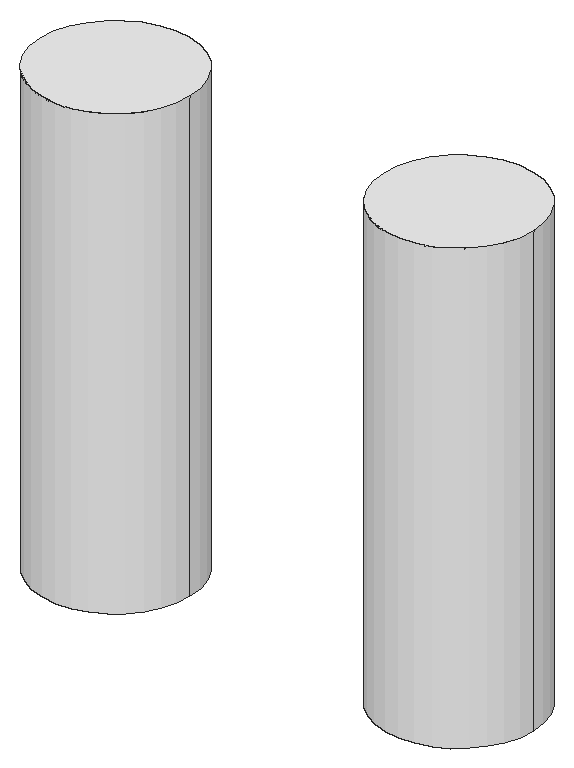
Revit family "56532203", category Plumbing Fixtures, Revit 2018
Family settings
  Round Connector Dimension = Use Diameter
  Part Type = Normal
  OmniClass Number = 23.45.55.00
  OmniClass Title = Sanitary Faucets, Wastes
  Work Plane-Based = No
  Always vertical = Yes
  Cut with Voids When Loaded = No
  Shared = No
  Room Calculation Point = No
Parameters (values of type "56532203 Kitchen faucet ")
  Working Pressure = "50 - 1000 kPa"
  WarrantyStartDate [instance] = "n/a"
  WarrantyGuarantorParts = "n/a"
  WarrantyGuarantorLabor = "n/a"
  WarrantyDurationUnit = "Year"
  WarrantyDurationParts = "n/a"
  WarrantyDurationLabor = "n/a"
  WarrantyDescription = "http://warranty.hansa.com"
  Warranty Information URL = "http://warranty.hansa.com"
  VersionDate = "01/07/2022"
  Version = "3"  # constant formula
  ValvePattern = "n/a"
  ValveOperation = "n/a"
  ValveMechanism = "n/a"
  Uniclass2015Reference = "Pr_40_20_87_96"
  Uniclass2015Description = "Washbasin manual water supply sets"
  Uniclass2 = "Pr_40_30_96_96"
  URL REACH = "http://static.hansa.com/doc/reach"
  URL Declaration of Conformity = "http://static.hansa.com/DoC/56532203"
  URL ABP = "http://static.hansa.com/ABP/56532203"
  URL = ""
  UNSPSC Class Number = "30181700 Faucets or taps"
  TestPressure = "n/a"
  Temperature Adjustments = "Limitation option for maximum temperature and flow-rate ;Adjustable hot water stop (included, retrofittable)"
  Temperature = "Temperature limiter;Temperature limiter (retrofittable)"
  Technical DataSheet URL = "http://www.hansa.com/datasheet/56532203/en"
  TagNumber [instance] = "n/a"
  SustainabilityPerformance = "n/a"
  Surface treatment = "Chrome"
  Spout Type = "Swivel spout;Swivel range limiting option"
  Spout Swivel Range = "120°"
  Spout Projection = "216 mm"
  Spare-Part Information URL = "http://static.hansa.com/sp/56532203"
  Size = "50x255x170 mm"
  Shape = "Sculptured"
  SerialNumber [instance] = "n/a"
  Sales Package dimensions (LxWxH) = "362 x 278 x 63"
  Revision = "3"  # constant formula
  ReplacementCost = "n/a"
  ProductInformation = "n/a"
  Product URL = "http://static.hansa.com/56532203"
  Product Image URL = "http://static.hansa.com/image/56532203"
  Product Family = "HANSAPALENO "
  Product Code = "56532203"
  OperatingMechanismMaterial = "n/a"
  NominalWidth = 51 mm
  NominalHeight = 169 mm
  NominalDepth = 255 mm
  Noise Class = "I (ISO 3822)"
  Name_en = "56532203 Kitchen faucet"
  Name = "56532203 Kitchen faucet"
  NBSReference = "45-35-70/371"
  NBSDescription = "Water supply fittings for wash basins and troughs"
  Mounting Holes = "1 hole"
  ModelReference = "56532203"
  ModelNumber = "n/a"
  Model = "56532203 Kitchen faucet"
  Mobile Product Information URL = "http://mpi.hansa.com/56532203"
  Mechanical Parts = "ø 35 mm ceramic cartridge for flow and temperature control"
  Max. Hot Water Supply = 70 °C
  Material = "Brass"
  Market = "International;Germany;Austria;Switzerland;France;Italy;Spain"
  ManufacturerURL = "http://www.hansa.com"
  ManufacturerName = "HANSA"
  Manufacturer = "HANSA"
  Lever Handle = "Hot/Cold symbols;Single operating lever/handle"
  Interactive AR View URL = "https://static.hansa.com/AR/56532203"
  InstallationDate [instance] = "n/a"
  Installation and Maintenance Guide URL = "http://static.hansa.com/manual/56532203"
  Installation Type = "Deck mounted"
  InletConnectionSize = 10 mm
  IfcExportType = "FAUCET"  # constant formula
  IfcExportAs = "IfcValveType"  # constant formula
  Group = "Kitchen faucet"
  Grade = "n/a"
  FlowCoefficient = 0
  Flow Rate At 300kPa = 0.2 L/s
  Flow Drawing URL = "http://static.hansa.com/flowchart/56532203"
  Finish = "Polished"
  Features = "Single-lever"
  FaucetMainMaterial = Brass
  FDV Document URL = "http://www.hansa.com/datasheet/56532203/en/fdv"
  ExpectedLife = "n/a"
  ETIM Class Number = "EC011431 Kitchen mixing tap"
  EN Standard = "EN 817"
  EAN Number = "4057304012297"
  DurationUnit = "Year"
  Dimension Drawing URL = "http://static.hansa.com/dimdrw/56532203"
  Description = ""
  DefaultElevation [instance] = 900 mm
  Constituents = "n/a"
  Connection Size = "G3/8"
  Connection = "Flexible inlet pipes"
  Color = "Chrome"
  CodePerformance = "n/a"
  CloseOffRating = 0
  Category = "Kitchen"
  Catalog Drawing URL = "http://static.hansa.com/catdrw/56532203"
  Brand = "HANSA"
  BodyMaterial = "Brass"
  Barcode [instance] = "n/a"
  Backflow Prevention EN1717 = "AA"
  BIMObjectName = "56532203(2020)"
  Author = "BIMStone"
  AssetType = "Fixed"
  AssetIdentifier [instance] = "n/a"
  Approval ABP = "P-IX 38252/IA"
  Ambience photo = "http://static.hansa.com/ambience/56532203"
  Aerator = "Standard aerator"
  Advanced Features = "Inner body made of DZR brass;3S-installation system for safe and simple mounting"
  AccessibilityPerformance = "n/a"
  3D View = "https://static.hansa.com/3D/56532203"
  2D/3D/BIM Files URL = "http://static.hansa.com/bim/56532203"
Reference planes
  plane 1 "Center (Front/Back)": y = 0
  plane 2: z = 0
  plane 3 "Center (Left/Right)": x = 0
  plane 4: x = -25.5
  plane 5: z = 1069
  plane 6: z = 900
  plane 7: z = 870
  plane 8: y = -255
  plane 9: x = 25.5
Forms (mm)
  Extrusion 1, solid, material "Brass" <- "FaucetMainMaterial"
    sketch origin (0, -3, 0) x (1, 0, 0) y (0, 1, 0)
      loop
        circle (-11.5, -22.5) r 5
      loop
        circle (11.5, -22.5) r 5
    from 870 to 900
Dimensions and locks
  "NominalHeight": plane 5 to plane 6
  "DefaultElevation": plane 6 to level
  locked: plane 6 to plane 7 at 30
  "NominalDepth": plane 8 to plane 1 "Center (Front/Back)"
  equal spacing: plane 4, plane 3 "Center (Left/Right)", plane 9
  "NominalWidth": plane 4 to plane 9
  "InletConnectionSize": diameter of Extrusion 1 sketch curve  (x2)
  aligned and locked: level to plane 2
  aligned and locked: plane 6 to Extrusion 1
  aligned and locked: Extrusion 1 to plane 7
  aligned and locked: nested 2 to plane 6
  aligned and locked: plane 1 "Center (Front/Back)" to nested 2
  aligned and locked: plane 5 to nested 2
Automatic sketch dimensions
  Extrusion 1 sketch curve to plane 3 "Center (Left/Right)" = 11.5 mm
  plane 3 "Center (Left/Right)" to Extrusion 1 sketch curve = 11.5 mm
  plane 1 "Center (Front/Back)" to Extrusion 1 sketch curve = 25.5 mm  (x2)
Nested families
  nested 1: "Symbol" at (0, 0, 0), type "Symbol", detail levels coarse
  nested 2: "56532203_p" at (0, 0, 900), Material <- "FaucetMainMaterial", type "56532203_p"
    with Material Brass
Connectors
  piping at (-11.5, -25.5, 870), diameter 10, driven by "InletConnectionSize"
    settings: on Extrusion 1, index 1, connector inside diameter 609.6 mm, connector length 0 mm, flow factor 0, pipe flow 0.2 L/s, pressure drop 0.0 Pa, fitting loss kfactor 0, connector angle 0.00°, fixture units 0, engagement length 0 mm, angle of deflection 0.00°, flow configuration 1, flow direction 1, fitting loss method 0, system type 19, joint type 0, gender type 0, connector reference index -1, connector utility 0, adjustable connector no, is connector primary yes, connector description ""
  piping at (11.5, -25.5, 870), diameter 10, driven by "InletConnectionSize"
    settings: on Extrusion 1, index 2, connector inside diameter 609.6 mm, connector length 0 mm, flow factor 0, pipe flow 0.2 L/s, pressure drop 0.0 Pa, fitting loss kfactor 0, connector angle 0.00°, fixture units 0, engagement length 0 mm, angle of deflection 0.00°, flow configuration 1, flow direction 1, fitting loss method 0, system type 20, joint type 0, gender type 0, connector reference index -1, connector utility 0, adjustable connector no, is connector primary no, connector description ""
Definition of nested family "Symbol"
  Reference planes
    plane 1: y = 0
    plane 2: x = 0
  Lines and regions (mm)
    detail lines
      curve 1: line (0, 0, 0) -> (0, -1.8, 0)
      curve 2: line (-0.4, -1.1, 0) -> (0.4, -1.1, 0)
      curve 3: line (-0.4, -1.4, 0) -> (0.4, -1.4, 0)
      curve 4: line (0.863, 0, 0) -> (-0.863, 0, 0)
      curve 5: circle (-1.163, 0, 0) r 0.3 normal (0, 0, -1)
      curve 6: circle (1.163, 0, 0) r 0.3 normal (0, 0, 1)
Definition of nested family "56532203_p"
  Parameters (values of type "56532203_p")
    Material [instance] = none
  Reference planes
    plane 1 "Center (Front/Back)": y = 0
    plane 2: z = 0
    plane 3 "Center (Left/Right)": x = 0
  Forms (mm)
    Extrusion 1, solid, material <- "Material", detail levels coarse
      sketch origin (0, 0, -900) x (1, 0, 0) y (0, 1, 0)
        loop
          line (25.5, 0) -> (-25.5, 0) -> (-25.5, -255) -> (25.5, -255) -> (25.5, 0)
      from 900 to 1069
    Revolve 2, solid, material <- "Material", detail levels medium
      sketch origin (0, 0, 0) x (0, 1, 0) y (0, 0, 1)
        loop
          line (-25.5, 0) -> (0, 0) -> (0, 47.5) -> (-0.993, 123.96) -> (-2.721, 123.96)
          arc (-2.721, 123.96) -> (-3.769, 130.056) -> (-6.504, 135.604) r 21.584
          line (-6.504, 135.604) -> (-1.647, 137.869) -> (-4.456, 178.05) -> (-25.5, 178.05) -> (-25.5, 0)
        axis (-25.5, 0) -> (-25.5, 178.05)
      angle from 0 to 360
    Extrusion 3, void
      sketch origin (0, 0, 0) x (0, 1, 0) y (0, 0, 1)
        loop
          line (0, 181.8) -> (-238.453, 181.8) -> (0, 158.561) -> (0, 181.8)
      from 50 to -50
    Extrusion 4, solid, material <- "Material", detail levels medium
      sketch origin (0, 0, 0) x (0, 1, 0) y (0, 0, 1)
        loop
          line (-24.353, 160.934) -> (-66.863, 165.077)
          arc (-66.863, 165.077) -> (-89.016, 167.114) -> (-111.19, 168.909) r 2034.905
          arc (-111.19, 168.909) -> (-112.016, 168.7) -> (-112.549, 168.037) r 1.341
          arc (-112.549, 168.037) -> (-113.714, 162.728) -> (-113.384, 157.304) r 19.706
          arc (-113.384, 157.304) -> (-112.981, 156.601) -> (-112.238, 156.282) r 1.279
          line (-112.238, 156.282) -> (-24.353, 148.893) -> (-24.353, 160.934)
      from -6.884 to 7
    Extrusion 5, solid, material <- "Material", detail levels medium
      sketch origin (0, 0, 0) x (0, 1, 0) y (0, 0, 1)
        loop
          line (-33.571, 84.532) -> (-135.431, 132.03)
          arc (-135.431, 132.03) -> (-162.315, 142.283) -> (-190.393, 148.572) r 200
          line (-190.393, 148.572) -> (-248.818, 157.304)
          arc (-248.818, 157.304) -> (-251.086, 156.882) -> (-252.314, 154.93) r 2.875
          line (-252.314, 154.93) -> (-255, 137.009) -> (-252.234, 136.594) -> (-228.497, 133.037) -> (-225.321, 132.561) -> (-225.171, 133.561) -> (-193.277, 128.781)
          arc (-193.277, 128.781) -> (-168.045, 123.121) -> (-143.883, 113.904) r 180
          line (-143.883, 113.904) -> (-33.929, 62.631) -> (-33.571, 84.532)
      from 15 to -15
    Revolve 6, solid, material <- "Material", detail levels medium
      sketch origin (0, 0, 0) x (0, 1, 0) y (0, 0, 1)
        loop
          line (-241.031, 130.375) -> (-229.163, 128.596) -> (-227.868, 137.236) -> (-239.736, 139.015) -> (-241.031, 130.375)
        axis (-239.736, 139.015) -> (-241.031, 130.375)
      angle from 0 to 360
  Cuts and joins
    Extrusion 3 cuts Revolve 2
    joined: Revolve 2, Extrusion 4, Extrusion 5, Revolve 6
  Lines and regions (mm)
    symbolic lines, detail levels medium+fine
      curve 1: line (0, 0, 0) -> (0, -51, 0)
      curve 2: line (0, -51, 0) -> (0, -51, 47.5)
      curve 3: line (0, -50.702, 70.453) -> (0, -143.883, 113.904)
      curve 4: arc (0, -143.883, 113.904) -> (0, -168.045, 123.121) -> (0, -193.277, 128.781) r 180
      curve 5: line (0, -193.277, 128.781) -> (0, -225.171, 133.561)
      curve 6: line (0, -229.163, 128.596) -> (0, -228.497, 133.037)
      curve 7: line (0, -252.234, 136.594) -> (0, -252.899, 132.154)
      curve 8: line (0, -252.899, 132.154) -> (0, -229.163, 128.596)
      curve 10: line (0, -225.321, 132.561) -> (0, -225.171, 133.561)
      curve 11: line (0, -252.234, 136.594) -> (0, -255, 137.009)
      curve 12: line (0, -255, 137.009) -> (0, -252.314, 154.93)
      curve 13: arc (0, -252.314, 154.93) -> (0, -251.086, 156.882) -> (0, -248.818, 157.304) r 2.875
      curve 14: line (0, -248.818, 157.304) -> (0, -190.393, 148.572)
      curve 15: arc (0, -190.393, 148.572) -> (0, -162.315, 142.283) -> (0, -135.431, 132.03) r 200
      curve 16: line (0, -135.431, 132.03) -> (0, -54.465, 94.275)
      curve 17: arc (0, -54.465, 94.275) -> (0, -52.475, 93.474) -> (0, -50.41, 92.892) r 19.937
      curve 18: line (0, -50.007, 123.96) -> (0, -50.41, 92.892)
      curve 19: line (0, -50.702, 70.453) -> (0, -51, 47.5)
      curve 20: line (0, 0, 0) -> (0, 0, 47.5)
      curve 21: line (0, -0.993, 123.96) -> (0, 0, 47.5)
      curve 23: line (0, -228.497, 133.037) -> (0, -225.321, 132.561)
      curve 24: line (0, -0.993, 123.96) -> (0, -2.721, 123.96)
      curve 25: line (0, -49.846, 126.8) -> (0, -48.006, 126.8)
      curve 27: line (0, -48.304, 123.96) -> (0, -48.006, 126.8)
      curve 28: arc (0, -6.504, 135.604) -> (0, -3.769, 130.056) -> (0, -2.721, 123.96) r 21.584
      curve 29: line (0, -6.504, 135.604) -> (0, -1.968, 137.719)
      curve 31: line (0, -48.304, 123.96) -> (0, -50.007, 123.96)
      curve 33: line (25.5, 0, 0) -> (-25.5, 0, 0)
      curve 34: line (-25.5, 0, 0) -> (-25.5, 0, 47.56)
      curve 35: line (-25.5, 0, 47.56) -> (-24.495, 0, 123.96)
      curve 36: line (-24.362, 0, 126.797) -> (-22.506, 0, 126.797)
      curve 37: line (-24.495, 0, 123.96) -> (-22.754, 0, 123.96)
      curve 38: line (-24.362, 0, 126.797) -> (-24.362, 0, 159.425)
      curve 39: line (-22.506, 0, 126.797) -> (-22.754, 0, 123.96)
      curve 43: line (25.5, 0, 47.56) -> (24.495, 0, 123.96)
      curve 44: line (24.362, 0, 126.797) -> (22.506, 0, 126.797)
      curve 45: line (24.495, 0, 123.96) -> (22.754, 0, 123.96)
      curve 46: line (22.506, 0, 126.797) -> (22.754, 0, 123.96)
      curve 59: line (-15, -239.534, 0) -> (-15, -59.645, 0)
      curve 60: line (15, -239.534, 0) -> (15, -59.645, 0)
      curve 61: spline (-15, -239.534, 0) -> (-14.489, -243.537, 0) -> (-12.99, -247.267, 0) -> (-10.607, -250.47, 0) -> (-7.5, -252.928, 0) -> (-3.882, -254.473, 0) -> (0, -255, 0) -> (3.882, -254.473, 0) -> (7.5, -252.928, 0) -> (10.607, -250.47, 0) -> (12.99, -247.267, 0) -> (14.489, -243.537, 0) -> (15, -239.534, 0)
      curve 63: line (-15, -59.645, 0) -> (-15.824, -46.935, 0)
      curve 64: line (15, -59.645, 0) -> (15.824, -46.935, 0)
      curve 66: arc (20.377, -40.847, 0) -> (-0.397, -0.021, 0) -> (-19.855, -41.49, 0) r 25.494
      curve 72: line (25.5, 0, 0) -> (25.5, 0, 47.56)
      curve 73: arc (0, -1.968, 137.719) -> (0, -2.673, 147.695) -> (0, -3.725, 157.641) r 286.926
      curve 74: arc (0, -3.725, 157.641) -> (0, -4.361, 158.844) -> (0, -5.635, 159.321) r 1.914
      curve 75: arc (0, -5.635, 159.321) -> (0, -7.676, 159.362) -> (0, -9.712, 159.508) r 39.722
      curve 76: line (0, -9.712, 159.508) -> (0, -66.863, 165.077)
      curve 77: arc (0, -66.863, 165.077) -> (0, -89.016, 167.114) -> (0, -111.19, 168.909) r 2034.905
      curve 78: arc (0, -111.19, 168.909) -> (0, -112.016, 168.7) -> (0, -112.549, 168.037) r 1.341
      curve 79: arc (0, -112.549, 168.037) -> (0, -113.714, 162.728) -> (0, -113.384, 157.304) r 19.706
      curve 80: arc (0, -113.384, 157.304) -> (0, -112.981, 156.601) -> (0, -112.238, 156.282) r 1.279
      curve 81: line (0, -58.165, 151.736) -> (0, -112.238, 156.282)
      curve 82: arc (0, -58.165, 151.736) -> (0, -53.266, 149.408) -> (0, -51.115, 144.429) r 7.704
      curve 83: line (0, -51.115, 144.429) -> (0, -49.846, 126.8)
      curve 84: arc (-19.855, -41.49, 0) -> (-17.785, -44.172, 0) -> (-15.824, -46.935, 0) r 84.427
      curve 85: arc (20.377, -40.847, 0) -> (18.032, -43.84, 0) -> (15.824, -46.935, 0) r 84.427
      curve 96: arc (-24.362, 0, 159.425) -> (-23.949, 0, 160.642) -> (-22.882, 0, 161.356) r 1.999
      curve 97: arc (-22.882, 0, 161.356) -> (-15.145, 0, 163.149) -> (-7.302, 0, 164.402) r 114.564
      curve 98: arc (-6.706, 0, 167.144) -> (-7.042, 0, 165.781) -> (-7.302, 0, 164.402) r 25.706
      curve 99: arc (-6.706, 0, 167.144) -> (-6.123, 0, 168.093) -> (-5.123, 0, 168.583) r 2
      curve 104: line (24.362, 0, 126.797) -> (24.362, 0, 159.425)
      curve 105: arc (22.882, 0, 161.356) -> (15.145, 0, 163.149) -> (7.302, 0, 164.402) r 114.564
      curve 106: arc (6.706, 0, 167.144) -> (7.042, 0, 165.781) -> (7.302, 0, 164.402) r 25.706
      curve 107: arc (6.706, 0, 167.144) -> (6.123, 0, 168.093) -> (5.123, 0, 168.583) r 2
      curve 112: arc (-5.123, 0, 168.583) -> (0, 0, 169.029) -> (5.123, 0, 168.583) r 29.678
      curve 115: arc (24.362, 0, 159.425) -> (23.949, 0, 160.642) -> (22.882, 0, 161.356) r 1.999
    symbolic lines, detail levels fine
      curve 9: line (0, -252.234, 136.594) -> (0, -228.497, 133.037)
      curve 22: line (0, 0, 47.5) -> (0, -51, 47.5)
      curve 26: line (0, -25.383, 126.8) -> (0, -6.504, 135.604)
      curve 30: line (0, -48.006, 126.8) -> (0, -25.383, 126.8)
      curve 32: line (0, -2.721, 123.96) -> (0, -48.304, 123.96)
      curve 40: line (-15, 0, 70.474) -> (-15, 0, 154.085)
      curve 41: line (-22.506, 0, 126.797) -> (-15, 0, 126.797)
      curve 42: line (-22.754, 0, 123.96) -> (-15, 0, 123.96)
      curve 47: line (22.506, 0, 126.797) -> (15, 0, 126.797)
      curve 48: line (22.754, 0, 123.96) -> (15, 0, 123.96)
      curve 49: line (-25.5, 0, 47.56) -> (25.5, 0, 47.56)
      curve 50: spline (-15, 0, 154.085) -> (-14.489, 0, 154.949) -> (-12.99, 0, 155.755) -> (-10.607, 0, 156.447) -> (-7.5, 0, 156.978) -> (-3.882, 0, 157.312) -> (0, 0, 157.426) -> (3.882, 0, 157.312) -> (7.5, 0, 156.978) -> (10.607, 0, 156.447) -> (12.99, 0, 155.755) -> (14.489, 0, 154.949) -> (15, 0, 154.085)
      curve 51: arc (-13.012, 0, 68.978) -> (-14.379, 0, 69.231) -> (-15, 0, 70.474) r 1.557
      curve 52: arc (13.012, 0, 68.978) -> (14.379, 0, 69.231) -> (15, 0, 70.474) r 1.557
      curve 53: arc (-13.012, 0, 68.978) -> (0, 0, 70.816) -> (13.012, 0, 68.978) r 47.003
      curve 54: spline (11.961, 0, 130.3) -> (11.554, 0, 129.845) -> (10.359, 0, 129.421) -> (8.458, 0, 129.058) -> (5.981, 0, 128.778) -> (3.096, 0, 128.603) -> (0, 0, 128.543) -> (-3.096, 0, 128.603) -> (-5.981, 0, 128.778) -> (-8.458, 0, 129.058) -> (-10.359, 0, 129.421) -> (-11.554, 0, 129.845) -> (-11.961, 0, 130.3) -> (-11.554, 0, 130.754) -> (-10.359, 0, 131.178) -> (-8.458, 0, 131.542) -> (-5.981, 0, 131.821) -> (-3.096, 0, 131.997) -> (0, 0, 132.056) -> (3.096, 0, 131.997) -> (5.981, 0, 131.821) -> (8.458, 0, 131.542) -> (10.359, 0, 131.178) -> (11.554, 0, 130.754) -> (11.961, 0, 130.3)
      curve 55: spline (-11.961, 0, 134.779) -> (-11.554, 0, 135.234) -> (-10.359, 0, 135.658) -> (-8.458, 0, 136.021) -> (-5.981, 0, 136.301) -> (-3.096, 0, 136.476) -> (0, 0, 136.536) -> (3.096, 0, 136.476) -> (5.981, 0, 136.301) -> (8.458, 0, 136.021) -> (10.359, 0, 135.658) -> (11.554, 0, 135.234) -> (11.961, 0, 134.779)
      curve 56: line (-11.961, 0, 130.3) -> (-11.961, 0, 134.779)
      curve 57: line (11.961, 0, 134.779) -> (11.961, 0, 130.3)
      curve 58: spline (11.961, 0, 133.769) -> (14.424, 0, 134.526) -> (14.937, 0, 135.369) -> (13.431, 0, 136.183) -> (10.109, 0, 136.859) -> (5.421, 0, 137.304) -> (0, 0, 137.46) -> (-5.421, 0, 137.304) -> (-10.109, 0, 136.859) -> (-13.431, 0, 136.183) -> (-14.937, 0, 135.369) -> (-14.424, 0, 134.526) -> (-11.961, 0, 133.769)
      curve 62: spline (-15, -239.534, 0) -> (-14.489, -242.782, 0) -> (-12.99, -245.808, 0) -> (-10.607, -248.407, 0) -> (-7.5, -250.401, 0) -> (-3.882, -251.655, 0) -> (0, -252.082, 0) -> (3.882, -251.655, 0) -> (7.5, -250.401, 0) -> (10.607, -248.407, 0) -> (12.99, -245.808, 0) -> (14.489, -242.782, 0) -> (15, -239.534, 0)
      curve 65: line (15, 0, 70.474) -> (15, 0, 154.085)
      curve 67: line (0, -50.41, 92.892) -> (0, -47.092, 92.003)
      curve 68: line (0, -45.434, 90.064) -> (0, -45.434, 70.064)
      curve 69: line (0, -50.702, 70.453) -> (0, -46.792, 68.63)
      curve 70: arc (0, -45.434, 70.064) -> (0, -45.827, 69.076) -> (0, -46.792, 68.63) r 1.436
      curve 71: arc (0, -47.092, 92.003) -> (0, -45.905, 91.34) -> (0, -45.434, 90.064) r 1.963
      curve 86: arc (-15.824, -46.935, 0) -> (-13.337, -50.642, 0) -> (-10.897, -54.379, 0) r 361.34
      curve 87: line (-6.832, -111.128, 0) -> (-7.6, -67.128, 0)
      curve 88: arc (-7.6, -67.128, 0) -> (-8.494, -60.559, 0) -> (-10.897, -54.379, 0) r 28.215
      curve 89: arc (15.824, -46.935, 0) -> (13.337, -50.642, 0) -> (10.897, -54.379, 0) r 361.34
      curve 90: line (6.834, -111.047, 0) -> (7.6, -67.128, 0)
      curve 91: arc (7.6, -67.128, 0) -> (8.494, -60.559, 0) -> (10.897, -54.379, 0) r 28.215
      curve 92: arc (-5.305, -113.036, 0) -> (0.022, -113.653, 0) -> (5.339, -112.948, 0) r 21.772
      curve 93: arc (-5.305, -113.036, 0) -> (-6.394, -112.343, 0) -> (-6.832, -111.128, 0) r 2
      curve 94: arc (5.339, -112.948, 0) -> (6.406, -112.249, 0) -> (6.834, -111.047, 0) r 2
      curve 95: arc (-19.855, -41.49, 0) -> (-0.358, -2.435, 0) -> (20.377, -40.847, 0) r 24.594
      curve 100: line (-15, 0, 146.797) -> (-17.006, 0, 146.797)
      curve 101: line (-21.056, 0, 160.238) -> (-21.056, 0, 150.847)
      curve 102: arc (-21.056, 0, 150.847) -> (-19.87, 0, 147.983) -> (-17.006, 0, 146.797) r 4.049
      curve 103: arc (-20.406, 0, 161.991) -> (-20.888, 0, 161.173) -> (-21.056, 0, 160.238) r 2.69
      curve 108: line (15, 0, 146.797) -> (17.006, 0, 146.797)
      curve 109: line (21.056, 0, 160.238) -> (21.056, 0, 150.847)
      curve 110: arc (21.056, 0, 150.847) -> (19.87, 0, 147.983) -> (17.006, 0, 146.797) r 4.049
      curve 111: arc (20.406, 0, 161.991) -> (20.888, 0, 161.173) -> (21.056, 0, 160.238) r 2.69
      curve 113: arc (-7.302, 0, 164.402) -> (-7.626, 0, 160.699) -> (-7.412, 0, 156.989) r 25.706
      curve 114: arc (7.302, 0, 164.402) -> (7.626, 0, 160.699) -> (7.412, 0, 156.989) r 25.706
  Dimensions and locks
    aligned and locked: level to plane 2
